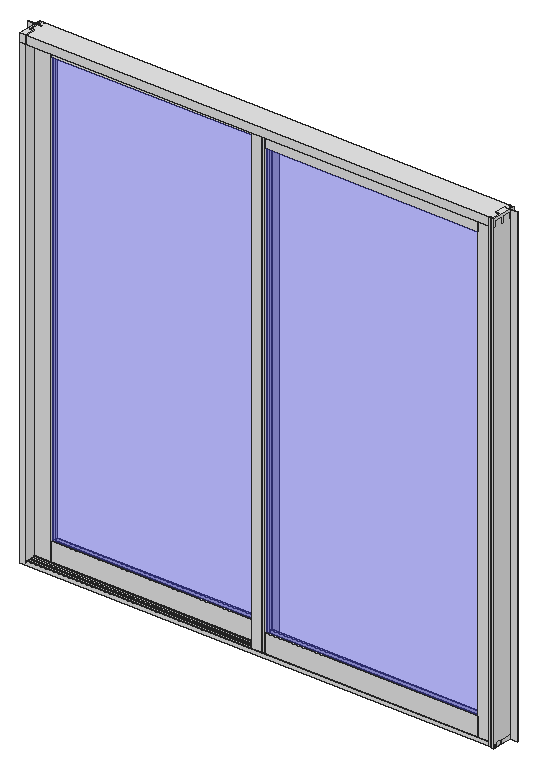
Revit family "Standard-Nail-On-XO-Sliding-Door-with-Low-Sill-and-Standard-Hardware", category Doors, host Wall, Revit 2026
Family settings
  Host = Wall
  Classification Number = 23.30.10.14.11
  Always vertical = Yes
  Cut with Voids When Loaded = No
  Shared = No
  Room Calculation Point = No
Parameters (values of type "2 Panel Sliding Door - OX")
  Wall Thickness [instance] = 0' - 6"
  URL = "https://www.allweatheraa.com/"
  Type Comments = "Multi-Panel Sliding Door"  # constant formula
  CD_Width Panel = ((CD_Width Opening + (0' 2 39/64" * (CD_Number of Panels - 1))) / CD_Number of Panels)  # 4' - 0.93164"
  CD_Width Opening = CD_Width - 0' 0 191/256"  # 7' - 11 65/256"
  CD_Width Min Panel = 2' - 8"  # constant formula
  CD_Width Min = (2 * CD_Width Min Panel) + 0' 0 3/4"  # 5' - 4 3/4"
  CD_Width Max Panel = 8' - 0"  # constant formula
  CD_Width Max = (2 * CD_Width Max Panel) + 0' 0 3/4"  # 16' - 0 3/4"
  CD_Width = if(CD_Requested Width > CD_Width Max, CD_Width Max, if(CD_Requested Width < CD_Width Min, CD_Width Min, CD_Requested Width))  # 8' - 0"
  CD_Warranty = "https://www.allweatheraa.com/warranties/"
  CD_Thickness = 0' - 4"  # constant formula
  CD_Specification = "http://allweatheraa.com/specs-cad-bim/"
  CD_Sill Height = 0' - 0 3/4"  # constant formula
  CD_Product Page URL = "https://www.allweatheraa.com/product-series-8150/"
  CD_Product Name = "Series 8150"  # constant formula
  CD_Product Documentation Link = "https://www.allweatheraa.com/architectural-manual/"
  CD_Microsite = "https://microsite.caddetails.com/4461/"
  CD_Jamb Width Right = 0' - 1 1/8"  # constant formula
  CD_Jamb Width Left = 0' - 1 1/8"  # constant formula
  CD_Jamb Extensions Depth [instance] = if(CD_Jamb Extensions Calc > 0' 0 1/8", CD_Jamb Extensions Calc, 0' 0 1/8")  # 0' - 2"
  CD_Jamb Extensions Calc [instance] = Wall Thickness - (CD_Thickness) + CD_Offset - CD_Inset  # 0' - 2"
  CD_Finish Jamb Ext = Wood-By_Others
  Thickness = CD_Thickness  # 0' - 4"
  Rough Width = CD_Width + 0' 1"  # 8' - 1"
  Rough Height = CD_Height + 0' 0 1/2"  # 8' - 0 1/2"
  Operation = "Sliding"
  Model = "OX / XO"  # constant formula
  Manufacturer = "All Weather Architectural Aluminum"  # constant formula
  Interior Trim = no
  Function = Exterior
  Frame Projection Ext. = 0' - 1"
  Frame Projection Int. = 0' - 1"
  Frame Width = 0' - 3"
  Height = CD_Height  # 8' - 0"
  Wall Closure = By host
  Width = CD_Width  # 8' - 0"
  CD_Height Panel = CD_Height - 0' 0 47/128" - 0' 1 1/16"  # 7' - 10 73/128"
  CD_Height Min Panel = 3' - 10"  # constant formula
  CD_Height Max Panel = 12' - 0"  # constant formula
  CD_Height = if(CD_Requested Height > CD_Height Max Panel + 0' 1 1/4", CD_Height Max Panel + 0' 1 1/4", if(CD_Requested Height < CD_Height Min Panel + 0' 1 1/4", CD_Height Min Panel + 0' 1 1/4", CD_Requested Height))  # 8' - 0"
  CD_Head Height = 0' - 1 73/128"  # constant formula
  CD_Finish Interior Trim = Metal-Aluminum-All_Weather-Standard-White
  CD_Finish Exterior Trim = Wood-By_Others
  Exterior Trim = no
  Description = "Thermally Broken Stacking Door"  # constant formula
  Center Panel Location = (CD_Width Panel / 2) - 0' 1 5/16"  # 1' - 11.15332"
  CD_Requested Width = 8' - 0"
  CD_Requested Height = 8' - 0"
  CD_Offset = 0' - 0"
  CD_Number of Panels = 2  # constant formula
  CD_Jamb Extension = no
  CD_Inset = 0' - 0"
  CD_Finish Glass = Glass-All_Weather-OA-Insulated_Glass
  CD_Finish = Metal-Aluminum-All_Weather-Standard-White
  Assembly Code = "B2030110"
  Analytic Construction = "<None>"
Reference planes (in)
  plane 1 "Center (Front/Back)": y = 0
  plane 2 "Center (Left/Right)": x = 0
  plane 3 "Left": x = -48
  plane 4 "Right": x = 48
  plane 5 "Top": z = 96
  plane 6 "Exterior": y = 3
  plane 7 "Interior": y = -3
  plane 8 "Nail Fin": y = 3
  plane 9 "Inset": y = 3
  plane 10 "Front": y = 3
  plane 11 "Back": y = -1
  plane 12 "Bottom of Sill": z = 0
  plane 13 "Right Jamb": x = 46.875
  plane 14 "Left Jamb": x = -46.875
  plane 15 "Bottom of Header": z = 94.42969
  plane 16 "Top of Sill": z = 0.75
  plane 17 "Exterior Doors": y = 2
  plane 18 "Interior Doors": y = 0
  plane 19 "Door Sill Offset": z = 0.3674
Forms (in)
  Extrusion 1, solid, material "Wood-By_Others" <- "CD_Finish Exterior Trim", visible <- "Exterior Trim"
    sketch origin (-90, 3, 0) x (-1, 0, 0) y (0, 0, 1)
      loop
        line (-42, 95.63672) -> (-42, 0) -> (-39, 0) -> (-39, 98.63672) -> (-141, 98.63672) -> (-141, 0) -> (-138, 0) -> (-138, 95.63672) -> (-42, 95.63672)
    from 0 to 1
  Extrusion 2, solid, material "Metal-Aluminum-All_Weather-Standard-White" <- "CD_Finish Interior Trim", visible <- "Interior Trim"
    sketch origin (-90, -3, 0) x (1, 0, 0) y (0, 0, 1)
      loop
        line (42, 0) -> (42, 95.63672) -> (138, 95.63672) -> (138, 0) -> (141, 0) -> (141, 98.63672) -> (39, 98.63672) -> (39, 0) -> (42, 0)
    from 0 to 1
  Sweep 3, solid, material "Metal-Aluminum-All_Weather-Standard-White" <- "CD_Finish", detail levels fine
    path origin (0, -1, 0) x (-1, 0, 0) y (0, 0, 1)
      loop
        line (48, 0) -> (48, 96)
    profile origin (-48, -1, 48) x (1, 0, 0) y (0, 1, 0)
      loop
        line (0, 0) -> (1.12385, 0) -> (1.12385, 2.168) -> (0.77985, 2.168) -> (0.77985, 2.043) -> (0.37385, 2.043) -> (0.37385, 3.946) -> (0.77985, 3.946) -> (0.77985, 3.856) -> (1.12385, 3.856) -> (1.12385, 4.016) -> (0.37385, 4.016) -> (0.37385, 4.884) -> (0.99885, 4.884) -> (0.99885, 4.954) -> (0, 4.954) -> (0, 4.5493) -> (0.07, 4.5493) -> (0.07, 4.884) -> (0.30385, 4.884) -> (0.30385, 4.024) -> (-1.5, 4.024) -> (-1.5, 3.954) -> (0, 3.954) -> (0, 0)
  Extrusion 4, solid, material "Wood-By_Others" <- "CD_Finish Jamb Ext", visible <- "CD_Jamb Extension"
    sketch origin (0, 0, 0) x (1, 0, 0) y (0, 0, 1)
      loop
        line (-48, 0) -> (-47.375, 0) -> (-47.375, 95.375) -> (47.375, 95.375) -> (47.375, 0) -> (48, 0) -> (48, 96) -> (-48, 96) -> (-48, 0)
    from 1 to 3
  Sweep 5, solid, material "Metal-Aluminum-All_Weather-Standard-White" <- "CD_Finish", detail levels fine
    path origin (0, 3, 0) x (-1, 0, 0) y (0, 0, 1)
      loop
        line (-48, 96) -> (48, 96)
    profile origin (0, 3, 96) x (0, 0, 1) y (0, 1, 0)
      loop
        line (0, 0.954) -> (-1.08885, 0.954) -> (-1.08885, 0.705) -> (-0.37385, 0.705) -> (-0.37385, 0.388) -> (-0.65885, 0.388) -> (-0.65885, 0.328) -> (-0.37385, 0.328) -> (-0.37385, 0.016) -> (-1.57, 0.016) -> (-1.57, -0.152) -> (-0.37385, -0.152) -> (-0.37385, -1.84) -> (-1.57, -1.84) -> (-1.57, -2.152) -> (-0.37385, -2.152) -> (-0.37385, -3.84) -> (-1.57, -3.84) -> (-1.57, -4) -> (0, -4) -> (0, 0.954)
  Sweep 6, solid, material "Metal-Aluminum-All_Weather-Standard-White" <- "CD_Finish", detail levels fine
    path origin (0, 3, 0) x (-1, 0, 0) y (0, 0, 1)
      loop
        line (-48, 0) -> (48, 0)
    profile origin (0, 3, 0) x (0, 0, 1) y (0, 1, 0)
      loop
        line (0, 0.864) -> (0, -4) -> (0.75, -4) -> (0.75, -3.84) -> (0.185, -3.84) -> (0.14641, -3.40801) -> (0.75, -3.40801) -> (0.75, -3.18981) -> (0.35379, -3.18981) -> (0.35379, -2.80325) -> (0.75, -2.80325) -> (0.75, -2.58399) -> (0.14734, -2.58399) -> (0.17792, -2.152) -> (0.75, -2.152) -> (0.75, -1.18181) -> (0.35379, -1.18181) -> (0.35379, -0.79525) -> (0.75, -0.79525) -> (0.75, 0.016) -> (0.13, 0.016) -> (0.10974, 0.328) -> (0.4048, 0.328) -> (0.4048, 0.388) -> (0.10584, 0.388) -> (0.07494, 0.864) -> (0, 0.864)
  Extrusion 7, solid, material "Metal-Aluminum-All_Weather-Standard-White" <- "CD_Finish", detail levels coarse+medium
    sketch origin (0, 3, 0) x (-1, 0, 0) y (0, 0, 1)
      loop
        line (-48, 96) -> (-48, 0) -> (48, 0) -> (48, 96) -> (-48, 96)
      loop
        line (46.875, 0.75) -> (46.875, 94.42969) -> (-46.875, 94.42969) -> (-46.875, 0.75) -> (46.875, 0.75)
    from 0 to -4
  Sweep 8, solid, material "Metal-Aluminum-All_Weather-Standard-White" <- "CD_Finish", detail levels fine
    path origin (0, -1, 0) x (1, 0, 0) y (0, 0, 1)
      loop
        line (48, 0) -> (48, 96)
    profile origin (48, -1, 48) x (1, 0, 0) y (0, 1, 0)
      loop
        line (0, 0) -> (0, 3.954) -> (1.5, 3.954) -> (1.5, 4.024) -> (-0.30385, 4.024) -> (-0.30385, 4.884) -> (-0.07, 4.884) -> (-0.07, 4.5493) -> (0, 4.5493) -> (0, 4.954) -> (-0.99885, 4.954) -> (-0.99885, 4.884) -> (-0.37385, 4.884) -> (-0.37385, 4.016) -> (-1.12385, 4.016) -> (-1.12385, 1.84816) -> (-0.77985, 1.84816) -> (-0.77985, 1.93816) -> (-0.37385, 1.93816) -> (-0.37385, 0.03516) -> (-0.77985, 0.03516) -> (-0.77985, 0.16016) -> (-1.12385, 0.16016) -> (-1.12385, 0) -> (0, 0)
Cuts and joins
  joined: Sweep 3, Sweep 6
Lines and regions (in)
  Opening 1
    outline origin (-90, -3, 0) x (1, 0, 0) y (0, 0, 1)
      loop
        line (42, 0) -> (138, 0) -> (138, 96) -> (42, 96) -> (42, 0)
  Masking region 1, visible <- "CD_Jamb Extension"
    outline origin (0, 0, 0) x (0, 1, 0) y (0, 0, 1)
      loop
        line (-1, 96) -> (-3, 96) -> (-3, 95.375) -> (-1, 95.375) -> (-1, 96)
  Masking region 2, visible <- "CD_Jamb Extension"
    outline origin (0, 0, 0) x (1, 0, 0) y (0, 1, 0)
      loop
        line (48, -3) -> (48, -1) -> (47.375, -1) -> (47.375, -3) -> (48, -3)
      loop
        line (-48, -3) -> (-47.375, -3) -> (-47.375, -1) -> (-48, -1) -> (-48, -3)
Text (in)
  text "Exterior" at (-74.96733, 27.31104, 0), in view "Ref. Level"
  text "Interior" at (-74.96733, -25.14366, 0), in view "Ref. Level"
  text "Exterior" at (0, 40.15149, 123.01588), in view "Right"
  text "Interior" at (0, -64.39139, 123.01588), in view "Right"
  text "Interior" at (0, -31.01599, 123.00693), in view "Left"
  text "Exterior" at (0, 54.57065, 123.00693), in view "Left"
Dimensions and locks (in)
  equal spacing: plane 3 "Left", plane 2 "Center (Left/Right)", plane 4 "Right"
  "Height": level to plane 5 "Top"
  "Width": plane 3 "Left" to plane 4 "Right"
  "Frame Width": Extrusion 2 sketch curve to plane 3 "Left"
  "Frame Width": Extrusion 2 sketch curve to plane 4 "Right"
  "Frame Width": Extrusion 1 sketch curve to Extrusion 1 sketch curve  (x3)
  host wall to plane 5 "Top" = 8' - 0"
  "Frame Projection Int.": Extrusion 2 to host wall
  "Frame Projection Ext.": Extrusion 1 to host wall
  "CD_Offset": plane 8 "Nail Fin" to plane 9 "Inset"
  "CD_Inset": plane 6 "Exterior" to plane 9 "Inset"
  locked: plane 10 "Front" to plane 8 "Nail Fin" at 0
  "Thickness": plane 10 "Front" to plane 11 "Back"
  plane 12 "Bottom of Sill" to level = 0' - 0"
  locked: Extrusion 1 sketch curve to plane 5 "Top" at 0.36328
  locked: Extrusion 2 sketch curve to plane 5 "Top" at 0.36328
  "Frame Width": Extrusion 2 sketch curve to Extrusion 2 sketch curve
  plane 5 "Top" to level = 8' - 0"
  locked: Extrusion 4 sketch curve to Extrusion 2 at 0.625  (x2)
  locked: plane 5 "Top" to Extrusion 4 sketch curve at 0.625
  "CD_Jamb Extensions Depth": Extrusion 4 to Extrusion 4
  "Wall Thickness": host wall to host wall
  plane 3 "Left" to plane 4 "Right" = 8' - 0"
  "Thickness": plane 10 "Front" to Extrusion 7
  "CD_Jamb Extensions Depth": Masking region 1 sketch curve to plane 7 "Interior"
  locked: plane 5 "Top" to Masking region 1 sketch curve at 0.625
  locked: plane 3 "Left" to Masking region 2 sketch curve at 0.625
  locked: Masking region 2 sketch curve to plane 4 "Right" at 0.625
  "CD_Jamb Extensions Depth": plane 7 "Interior" to Masking region 2 sketch curve  (x2)
  Sweep 3 sketch curve to Sweep 3 sketch curve to Sweep 3 sketch curve to profile plane to Sweep 3 sketch curve to Sweep 3 sketch curve to Sweep 3 sketch curve to Sweep 3 sketch curve to Sweep 3 sketch curve to Sweep 3 sketch curve to Sweep 3 sketch curve to Sweep 3 sketch curve = 0' - 1 1/2" locked, 0' - 0" locked, 0' - 0" locked, 0' - 0.07" locked, 0' - 0.23385" locked, 0' - 0.07" locked, 0' - 0.406" locked, 0' - 0" locked, 0' - 0.219" locked, 0' - 0 1/8" locked, 0' - 0" locked
  Sweep 3 sketch curve to Sweep 3 sketch curve to Sweep 3 sketch curve to Sweep 3 sketch curve to Sweep 3 sketch curve to Sweep 3 sketch curve to Sweep 3 sketch curve to Sweep 3 sketch curve to Sweep 3 sketch curve to Sweep 3 sketch curve to Sweep 3 sketch curve to profile plane to Sweep 3 sketch curve = 0' - 0.07" locked, 0' - 0" locked, 0' - 0.3347" locked, 0' - 0.5253" locked, 0' - 0.008" locked, 0' - 0.062" locked, 0' - 0.008" locked, 0' - 0.09" locked, 0' - 1.688" locked, 0' - 0 1/8" locked, 0' - 2.043" locked, 0' - 0" locked
  Sweep 8 sketch curve to Sweep 8 sketch curve to Sweep 8 sketch curve to Sweep 8 sketch curve to Sweep 8 sketch curve to Sweep 8 sketch curve to Sweep 8 sketch curve to Sweep 8 sketch curve to Sweep 8 sketch curve to Sweep 8 sketch curve to profile plane to Sweep 8 sketch curve = 0' - 0" locked, 0' - 0 1/8", 0' - 0.219", 0' - 0" locked, 0' - 0.406", 0' - 0.07" locked, 0' - 0.23385" locked, 0' - 0.07", 0' - 0" locked, 0' - 0" locked, 0' - 1 1/2"
  Sweep 8 sketch curve to Sweep 8 sketch curve to Sweep 8 sketch curve to Sweep 8 sketch curve to Sweep 8 sketch curve to Sweep 8 sketch curve to Sweep 8 sketch curve to Sweep 8 sketch curve to Sweep 8 sketch curve to Sweep 8 sketch curve to Sweep 8 sketch curve to profile plane to Sweep 8 sketch curve = 0' - 0.07" locked, 0' - 0" locked, 0' - 0.3347" locked, 0' - 0.5253" locked, 0' - 0.008" locked, 0' - 0.062" locked, 0' - 2.01584" locked, 0' - 0.09" locked, 0' - 1.688" locked, 0' - 0 1/8" locked, 0' - 0 9/256" locked, 0' - 0" locked
  "CD_Jamb Width Right": plane 13 "Right Jamb" to plane 4 "Right"
  "CD_Jamb Width Left": plane 3 "Left" to plane 14 "Left Jamb"
  "CD_Head Height": plane 15 "Bottom of Header" to plane 5 "Top"
  "CD_Sill Height": level to plane 16 "Top of Sill"
  Sweep 6 sketch curve to Sweep 6 sketch curve to Sweep 6 sketch curve to Sweep 6 sketch curve to profile plane to Sweep 6 sketch curve to Sweep 6 sketch curve to Sweep 6 sketch curve to Sweep 6 sketch curve to Sweep 6 sketch curve to Sweep 6 sketch curve to Sweep 6 sketch curve to Sweep 6 sketch curve to Sweep 6 sketch curve = 0' - 0.476" locked, 0' - 0.06" locked, 0' - 0.312" locked, 0' - 0.016" locked, 0' - 0.79525" locked, 0' - 0.38656" locked, 0' - 0.97019" locked, 0' - 0.43199" locked, 0' - 0.21926" locked, 0' - 0.38656" locked, 0' - 0.2182" locked, 0' - 0.43199" locked, 0' - 0.16" locked
  profile plane to Sweep 8 to Sweep 6 sketch curve to Sweep 6 sketch curve to Sweep 6 sketch curve to Sweep 6 sketch curve to Sweep 6 sketch curve to Sweep 6 sketch curve to Sweep 6 sketch curve to Sweep 6 sketch curve to Sweep 6 sketch curve to Sweep 6 sketch curve to Sweep 6 sketch curve to Sweep 6 sketch curve to Sweep 6 sketch curve to Sweep 6 sketch curve to Sweep 6 sketch curve to Sweep 6 sketch curve = 0' - 0" locked, 0' - 0.07494" locked, 0' - 0.03091" locked, 0' - 0 1/256" locked, 0' - 0.02026" locked, 0' - 0.01641" locked, 0' - 0.00093" locked, 0' - 0.03058" locked, 0' - 0.00708" locked, 0' - 0.16879" locked, 0' - 0" locked, 0' - 0.05101" locked, 0' - 0.3452" locked, 0' - 0" locked, 0' - 0" locked, 0' - 0" locked, 0' - 0" locked
  Sweep 5 sketch curve to Sweep 5 sketch curve to Sweep 5 sketch curve to Sweep 5 sketch curve to Sweep 5 sketch curve to profile plane to Sweep 5 sketch curve to Sweep 5 sketch curve to Sweep 5 sketch curve to Sweep 5 sketch curve to Sweep 5 sketch curve = 0' - 0.249" locked, 0' - 0.317" locked, 0' - 0.06" locked, 0' - 0.312" locked, 0' - 0.016" locked, 0' - 0.152" locked, 0' - 1.688" locked, 0' - 0.312" locked, 0' - 1.688" locked, 0' - 0.16" locked
  Sweep 5 sketch curve to Sweep 5 sketch curve to Sweep 5 sketch curve to Sweep 5 sketch curve to Sweep 5 sketch curve to Sweep 5 sketch curve to Sweep 5 sketch curve to Sweep 5 sketch curve to profile plane to Sweep 5 sketch curve = 0' - 0" locked, 0' - 0" locked, 0' - 0.48115" locked, 0' - 0.43" locked, 0' - 0.285" locked, 0' - 0" locked, 0' - 0" locked, 0' - 0.37385" locked, 0' - 0" locked
  locked: plane 10 "Front" to plane 17 "Exterior Doors" at 1
  locked: plane 10 "Front" to plane 18 "Interior Doors" at 3
  locked: plane 3 "Left" to nested 2 at 0.36919
  locked: nested 1 to plane 4 "Right" at 0.37385
  locked: plane 19 "Door Sill Offset" to level at 0.3674
  aligned and locked: plane 3 "Left" to Opening 1 sketch curve
  aligned and locked: plane 5 "Top" to Opening 1 sketch curve  (x2)
  aligned and locked: Opening 1 sketch curve to plane 4 "Right"
  aligned and locked: Opening 1 sketch curve to level
  aligned and locked: plane 3 "Left" to Extrusion 1 sketch curve
  aligned and locked: Extrusion 1 sketch curve to plane 3 "Left"
  aligned and locked: level to Extrusion 1 sketch curve
  aligned and locked: plane 4 "Right" to Extrusion 1 sketch curve
  aligned and locked: Extrusion 1 to host wall
  aligned and locked: plane 3 "Left" to Extrusion 2 sketch curve
  aligned and locked: plane 4 "Right" to Extrusion 2 sketch curve  (x2)
  aligned and locked: level to Extrusion 2 sketch curve
  aligned and locked: Extrusion 2 sketch curve to level
  aligned and locked: Extrusion 2 to host wall
  aligned and locked: plane 6 "Exterior" to host wall
  aligned and locked: host wall to plane 7 "Interior"
  aligned and locked: plane 3 "Left" to Sweep 3 sketch curve
  aligned and locked: plane 7 "Interior" to Extrusion 4
  aligned and locked: plane 4 "Right" to Sweep 5 sketch curve
  aligned and locked: plane 3 "Left" to Sweep 5 sketch curve
  aligned and locked: plane 3 "Left" to Sweep 6 sketch curve
  aligned and locked: plane 4 "Right" to Sweep 6 sketch curve
  aligned and locked: Sweep 6 sketch curve to level
  aligned and locked: plane 10 "Front" to Extrusion 7
  aligned and locked: cut or joined group of Sweep 3, Sweep 6 to Masking region 2 sketch curve  (x2)
  aligned and locked: plane 4 "Right" to Sweep 8 sketch curve
  aligned and locked: plane 5 "Top" to Sweep 8 sketch curve
  aligned and locked: level to Sweep 8 sketch curve
  aligned and locked: plane 4 "Right" to Extrusion 7 sketch curve
  aligned and locked: plane 13 "Right Jamb" to Extrusion 7 sketch curve
  aligned and locked: plane 5 "Top" to Extrusion 7 sketch curve
  aligned and locked: plane 15 "Bottom of Header" to Extrusion 7 sketch curve
  aligned and locked: Extrusion 7 sketch curve to plane 3 "Left"
  aligned and locked: Extrusion 7 sketch curve to plane 14 "Left Jamb"
  aligned and locked: level to Extrusion 7 sketch curve
  aligned and locked: plane 16 "Top of Sill" to Extrusion 7 sketch curve
  aligned and locked: nested 2 to plane 17 "Exterior Doors"
  aligned and locked: nested 1 to plane 18 "Interior Doors"
  aligned and locked: nested 1 to plane 19 "Door Sill Offset"
  aligned and locked: nested 2 to plane 19 "Door Sill Offset"
Automatic sketch dimensions
  Extrusion 1 sketch curve to level = 0' - 0"
  Extrusion 2 sketch curve to level = 0' - 0"
  Sweep 3 sketch curve to level = 0' - 0"
  Sweep 3 sketch curve to plane 5 "Top" = 0' - 0"
  plane 3 "Left" to Extrusion 4 sketch curve = 0' - 0"
  plane 4 "Right" to Extrusion 4 sketch curve = 0' - 0"
  Extrusion 4 sketch curve to level = 0' - 0"  (x2)
  Extrusion 4 sketch curve to plane 5 "Top" = 0' - 0"
  Sweep 5 sketch curve to plane 5 "Top" = 0' - 0"
  Sweep 6 sketch curve to profile plane = 0' - 0"
  Sweep 3 sketch curve to Sweep 3 sketch curve = 0' - 0"
  Sweep 8 sketch curve to Sweep 8 sketch curve = 0' - 0"
  Sweep 5 sketch curve to Sweep 5 sketch curve = 0' - 0"
  Masking region 1 sketch curve to host wall = 0' - 0"
  plane 5 "Top" to Masking region 1 sketch curve = 0' - 0"
  host wall to Masking region 2 sketch curve = 0' - 0"  (x2)
Nested families (in)
  nested 1: "Nested-Panel-All_Weather-Series_8150" at (23.16033, 0.11336, 0.3674), type "Active Left"
    with CD_Arrow Right no, CD_Arrow Left no, CD_Width 4' - 0.93164", CD_Pull no, CD_Jamb Width Right 0' - 3 51/256", CD_Internal Door no
  nested 2: "Nested-Panel-All_Weather-Series_8150" at (-23.16499, 2.11336, 0.3674), type "Fixed"
    with CD_Arrow Right no, CD_Arrow Left yes, CD_Width 4' - 0.93164"
Definition of nested family "Nested-Panel-All_Weather-Series_8150"
  Parameters (values of type "Active Right")
    URL = "http://www.weathershield.com"
    Type Comments = "Panel with Inside Jamb"
    Model = "8150"  # constant formula
    Manufacturer = "All Weather Architectural Aluminum"  # constant formula
    Description = "Stacking Door Panel"  # constant formula
    Default Elevation = 4' - 0"
    CD_Width = 3' - 1.0791"
    CD_Thickness = 0' - 1 1/2"  # constant formula
    CD_Sill Height = 0' - 4 27/256"  # constant formula
    CD_Pull Jamb = yes
    CD_Pull = yes
    CD_Jamb = no
    CD_Product Page URL = "https://www.allweatheraa.com/doors/series-8150-sliding-doors/"
    CD_Product Documentation Link = "https://www.allweatheraa.com/architectural-manual/"
    CD_Jamb Width Right = if(CD_Pull, 0' 2 23/32", if(CD_Internal Door, 0' 2 159/256", if(CD_Pull Jamb, 0' 3 51/256", 0' 2 39/64")))  # 0' - 2 23/32"
    CD_Jamb Width Left = if(CD_Jamb, 0' 4 19/256", 0' 2 39/64")  # 0' - 2 39/64"
    CD_Internal Door = yes
    CD_Height = 7' - 10 73/128"
    CD_Head Height = 0' - 2 5/8"  # constant formula
    CD_Glass Thickness = 0' - 1"  # constant formula
    CD_Glass Offset = 0' - 0 1/4"  # constant formula
    CD_Glass Inset = 0' - 0 169/256"  # constant formula
    CD_Finish Glass = none
    CD_Finish = none
    CD_Center Panel Right = no
    CD_Center Panel Left = yes
    CD_Arrow Right [instance] = no
    CD_Arrow Left [instance] = no
  Types (3): name | CD_Pull Jamb | CD_Pull | CD_Jamb | CD_Jamb Width Right | CD_Jamb Width Left | CD_Internal Door | CD_Center Panel Right | CD_Center Panel Left
    Active Left | yes | yes | no | 0' - 2 23/32" | 0' - 2 39/64" | yes | no | yes
    Fixed | no | no | yes | 0' - 2 39/64" | 0' - 4 19/256" | no | yes | no
    Active Right | yes | yes | no | 0' - 2 23/32" | 0' - 2 39/64" | yes | no | yes
  Reference planes (in)
    plane 1 "Center (Front/Back)": y = 0.11336
    plane 2 "Bottom": z = 0
    plane 3 "Center (Left/Right)": x = 0
    plane 4 "Front": y = 0.86336
    plane 5 "Back": y = -0.63664
    plane 6 "Left": x = -18.53955
    plane 7 "Right": x = 18.53955
    plane 8 "Top": z = 94.57031
    plane 9 "Glass Front": y = 0.61336
    plane 10 "Glass Back": y = -0.38664
    plane 11 "Glass Top": z = 92.60547
    plane 12 "Glass Bottom": z = 3.44531
    plane 13 "Glass Left": x = -16.59033
    plane 14 "Glass Right": x = 16.48096
    plane 15 "Center (Elevation)": z = 48.02539
    plane 16 "DLO Bottom": z = 4.10547
    plane 17 "DLO Top": z = 91.94531
    plane 18 "DLO Left": x = -15.93018
    plane 19 "DLO Right": x = 15.8208
    plane 20: y = 0.11336
  Forms (in)
    Extrusion 1, solid, material <- "CD_Finish Glass", detail levels coarse
      sketch origin (0, 0, 0) x (1, 0, 0) y (0, 1, 0)
        loop
          line (-15.93018, -0.38664) -> (15.8208, -0.38664) -> (15.8208, 0.61336) -> (-15.93018, 0.61336) -> (-15.93018, -0.38664)
      from 4.10547 to 91.94531
    Sweep 2, solid, material <- "CD_Finish", detail levels medium+fine
      path origin (0, 0.61336, -0.65988) x (-1, 0, 0) y (0, 0, 1)
        loop
          line (-15.8208, 0.65988) -> (15.93018, 0.65988)
      profile origin (-0.05469, 0.61336, 0) x (0, 0, 1) y (0, 1, 0)
        loop
          line (0, 0.2055) -> (0, 0.0495) -> (0.89378, 0.0495) -> (0.89378, -1.05052) -> (0, -1.05052) -> (0, -1.20652) -> (4.10547, -1.20652) -> (4.10547, -1.0615) -> (3.44531, -1.0615) -> (3.44531, 0.0615) -> (4.10547, 0.0615) -> (4.10547, 0.2055) -> (0, 0.2055)
    Sweep 3, solid, material <- "CD_Finish", visible <- "CD_Jamb", detail levels medium+fine
      path origin (0, 0.86336, 0) x (-1, 0, 0) y (0, 0, 1)
        loop
          line (18.53955, 0) -> (18.53955, 94.57031)
      profile origin (-18.53955, 0.86336, 47.28516) x (1, 0, 0) y (0, 1, 0)
        loop
          line (0, 0) -> (0, -0.08) -> (0.23483, -0.08) -> (0.23483, -1.42002) -> (0, -1.42002) -> (0, -1.5) -> (2.60938, -1.5) -> (2.60938, -1.31202) -> (1.94922, -1.31202) -> (1.94922, -0.188) -> (2.60938, -0.188) -> (2.60938, 0) -> (0, 0)
    Sweep 4, solid, material <- "CD_Finish", visible <- "CD_Center Panel Right", detail levels medium+fine
      path origin (0, 0.86336, 0) x (1, 0, 0) y (0, 0, 1)
        loop
          line (18.53955, 0) -> (18.53955, 94.57031)
      profile origin (18.53955, 0.86336, 47.28516) x (1, 0, 0) y (0, 1, 0)
        loop
          line (0, -1.50002) -> (0, -0.00007) -> (-1.80474, -0.00007) -> (-1.80474, 0.40071) -> (-2.50112, 0.40071) -> (-2.59855, 0.3746) -> (-2.59855, 0.27635) -> (-1.90472, 0.27635) -> (-1.90472, 0) -> (-2.71875, 0) -> (-2.71875, -0.188) -> (-2.05859, -0.188) -> (-2.05859, -1.31202) -> (-2.71875, -1.31202) -> (-2.71875, -1.50002) -> (0, -1.50002)
    Sweep 5, solid, material <- "CD_Finish", detail levels medium+fine
      path origin (0, 0.86336, 0) x (-1, 0, 0) y (0, 0, 1)
        loop
          line (15.93018, 94.57031) -> (-15.8208, 94.57031)
      profile origin (-0.05469, 0.86336, 94.57031) x (0, 0, -1) y (0, 1, 0)
        loop
          line (2.625, -0.04395) -> (0, -0.04395) -> (0, -0.12201) -> (0.09375, -0.12201) -> (0.09375, -1.37792) -> (0, -1.37792) -> (0, -1.45597) -> (2.625, -1.45597) -> (2.625, -1.31197) -> (1.96484, -1.31197) -> (1.96484, -0.18788) -> (2.625, -0.18788) -> (2.625, -0.04395)
    Extrusion 6, solid, material <- "CD_Finish", visible <- "CD_Center Panel Left", detail levels medium+fine
      sketch origin (0, 0, 0) x (1, 0, 0) y (0, 1, 0)
        loop
          line (-18.53955, 0.86336) -> (-18.53955, -1.03737) -> (-17.84317, -1.03737) -> (-17.74574, -1.01127) -> (-17.74574, -0.91302) -> (-18.43957, -0.91302) -> (-18.43957, -0.63667) -> (-15.93018, -0.63667) -> (-15.93018, -0.44867) -> (-16.59033, -0.44867) -> (-16.59033, 0.67536) -> (-15.93018, 0.67536) -> (-15.93018, 0.86336) -> (-18.53955, 0.86336)
      from 0 to 94.57031
    Extrusion 7, solid, material <- "CD_Finish", detail levels coarse
      sketch origin (0, 0.61336, 0) x (-1, 0, 0) y (0, 0, 1)
        loop
          line (18.53955, 94.0625) -> (-18.53955, 94.0625) -> (-18.53955, 0.38281) -> (18.53955, 0.38281) -> (18.53955, 94.0625)
        loop
          line (-15.8208, 4.10547) -> (15.93018, 4.10547) -> (15.93018, 91.94531) -> (-15.8208, 91.94531) -> (-15.8208, 4.10547)
      from -1.25 to 0.25
    Sweep 8, solid, material <- "CD_Finish", visible <- "CD_Pull Jamb", detail levels medium+fine
      path origin (0, 0.86328, 0) x (1, 0, 0) y (0, 0, 1)
        loop
          line (18.53955, 0) -> (18.53955, 94.57031)
      profile origin (18.53955, 0.86328, 47.28516) x (1, 0, 0) y (0, 1, 0)
        loop
          line (0, -1.5) -> (0, -1.42) -> (-0.23483, -1.42) -> (-0.23483, -0.07998) -> (0, -0.07998) -> (0, 0) -> (-2.71875, 0) -> (-2.71875, -0.18798) -> (-2.05859, -0.18798) -> (-2.05859, -1.312) -> (-2.71875, -1.312) -> (-2.71875, -1.5) -> (0, -1.5)
    Sweep 9, solid, material <- "CD_Finish", visible <- "CD_Internal Door", detail levels medium+fine
      path origin (14, 0.86328, 0) x (1, 0, 0) y (0, 0, -1)
        loop
          line (4.53955, 0) -> (4.53955, -94.57031)
      profile origin (18.53955, 0.86328, 47.28516) x (1, 0, 0) y (0, 1, 0)
        loop
          line (0.39414, -0.24462) -> (0, -0.24462) -> (0, -0.07998) -> (-0.23483, -0.07998) -> (-0.23483, -1.42) -> (0, -1.42) -> (0, -1.25523) -> (0.39414, -1.25523) -> (0.39414, -0.24462)
    Extrusion 10, solid, material <- "CD_Finish Glass", detail levels medium+fine
      sketch origin (0, 0, 0) x (1, 0, 0) y (0, 1, 0)
        loop
          line (-16.59033, 0.43452) -> (16.48096, 0.43452) -> (16.48096, 0.61336) -> (-16.59033, 0.61336) -> (-16.59033, 0.43452)
        loop
          line (16.48096, -0.2078) -> (-16.59033, -0.2078) -> (-16.59033, -0.38664) -> (16.48096, -0.38664) -> (16.48096, -0.2078)
      from 3.44531 to 92.60547
  Lines and regions (in)
    Masking region 1, detail levels medium+fine
      outline origin (0, 0, 0) x (1, 0, 0) y (0, 1, 0)
        loop
          line (-16.59033, 0.61336) -> (-16.59033, 0.43452) -> (16.48096, 0.43452) -> (16.48096, 0.61336) -> (-16.59033, 0.61336)
        loop
          line (-16.59033, -0.2078) -> (-16.59033, -0.38664) -> (16.48096, -0.38664) -> (16.48096, -0.2078) -> (-16.59033, -0.2078)
    Masking region 2, detail levels medium+fine
      outline origin (0, 0, 94.57031) x (0, 1, 0) y (-1, 0, 0)
        loop
          line (0.61336, -16.48096) -> (0.61336, -15.8208) -> (0.81886, -15.8208) -> (0.81886, 15.93018) -> (0.61336, 15.93018) -> (0.61336, 16.59033) -> (-0.38664, 16.59033) -> (-0.38664, 15.93018) -> (-0.59317, 15.93018) -> (-0.59317, -15.8208) -> (-0.38664, -15.8208) -> (-0.38664, -16.48096) -> (0.61336, -16.48096)
    Masking region 3, detail levels coarse
      outline origin (0, 0, 0) x (1, 0, 0) y (0, 1, 0)
        loop
          line (-15.93018, 0.61336) -> (-15.93018, -0.38664) -> (15.8208, -0.38664) -> (15.8208, 0.61336) -> (-15.93018, 0.61336)
    Masking region 4, detail levels coarse
      outline origin (0, 0, 0) x (1, 0, 0) y (0, 1, 0)
        loop
          line (-18.53955, 0.86336) -> (-18.53955, -0.63664) -> (-15.93018, -0.63664) -> (-15.93018, 0.86336) -> (-18.53955, 0.86336)
        loop
          line (18.53955, 0.86336) -> (15.8208, 0.86336) -> (15.8208, -0.63664) -> (18.53955, -0.63664) -> (18.53955, 0.86336)
    symbolic lines, visible <- "CD_Arrow Left"
      curve 1: line (-14.17236, 0.61336, 45.02539) -> (-14.17236, 0.61336, 51.02539)
      curve 2: line (-14.17236, 0.61336, 45.02539) -> (-11.17236, 0.61336, 48.02539)
      curve 3: line (-11.17236, 0.61336, 48.02539) -> (-14.17236, 0.61336, 51.02539)
    symbolic lines, visible <- "CD_Arrow Right"
      curve 4: line (14.17236, 0.61336, 45.02539) -> (14.17236, 0.61336, 51.02539)
      curve 5: line (14.17236, 0.61336, 45.02539) -> (11.17236, 0.61336, 48.02539)
      curve 6: line (11.17236, 0.61336, 48.02539) -> (14.17236, 0.61336, 51.02539)
  Dimensions and locks (in)
    equal spacing: plane 6 "Left", plane 3 "Center (Left/Right)", plane 7 "Right"
    "CD_Width": plane 6 "Left" to plane 7 "Right"
    equal spacing: plane 4 "Front", plane 1 "Center (Front/Back)", plane 5 "Back"
    "CD_Thickness": plane 4 "Front" to plane 5 "Back"
    locked: plane 10 "Glass Back" to Masking region 1 sketch curve at 0.17884
    locked: plane 9 "Glass Front" to Masking region 1 sketch curve at 0.17884
    equal spacing: plane 11 "Glass Top", plane 15 "Center (Elevation)", plane 12 "Glass Bottom"
    "CD_Glass Inset": plane 16 "DLO Bottom" to plane 12 "Glass Bottom"
    "CD_Glass Inset": plane 11 "Glass Top" to plane 17 "DLO Top"
    "CD_Jamb Width Left": plane 6 "Left" to plane 18 "DLO Left"
    "CD_Jamb Width Right": plane 19 "DLO Right" to plane 7 "Right"
    equal spacing: plane 10 "Glass Back", plane 20, plane 9 "Glass Front"
    curve 3 to curve 3 to plane 15 "Center (Elevation)" to curve 2 = 0' - 3" locked, 0' - 0" locked, 0' - 3" locked
    plane 6 "Left" to curve 1 to curve 3 = 0' - 4 47/128" locked, 0' - 3" locked
    "CD_Height": plane 8 "Top" to plane 2 "Bottom"
    "CD_Glass Offset": Extrusion 7 to plane 10 "Glass Back"
    Extrusion 6 to plane 17 "DLO Top" = 0' - 2 5/8"
    curve 6 to curve 6 to plane 15 "Center (Elevation)" to curve 5 = 0' - 3" locked, 0' - 0" locked, 0' - 3" locked
    plane 7 "Right" to curve 4 to curve 6 = 0' - 4 47/128" locked, 0' - 3" locked
    "CD_Glass Inset": plane 13 "Glass Left" to plane 18 "DLO Left"
    "CD_Glass Inset": plane 19 "DLO Right" to plane 14 "Glass Right"
    locked: profile plane to Sweep 3 sketch curve at 0.23483
    profile plane to Sweep 3 sketch curve to Sweep 3 sketch curve to Sweep 3 sketch curve to Sweep 3 sketch curve to Sweep 3 sketch curve to Sweep 3 sketch curve = 0' - 0" locked, 0' - 0.08" locked, 0' - 0.108" locked, 0' - 1.12402" locked, 0' - 0.108" locked, 0' - 0.07998" locked
    plane 6 "Left" to Extrusion 6 sketch curve to Extrusion 6 sketch curve to Extrusion 6 sketch curve = 0' - 0.09998" locked, 0' - 0.5964" locked, 0' - 0.09743" locked
    Extrusion 6 sketch curve to plane 4 "Front" to Extrusion 6 sketch curve to Extrusion 6 sketch curve to Extrusion 6 sketch curve to Extrusion 6 sketch curve to Extrusion 6 sketch curve to Extrusion 6 sketch curve = 0' - 0" locked, 0' - 0.188" locked, 0' - 1.12402" locked, 0' - 0.188" locked, 0' - 0.27635" locked, 0' - 0.09825" locked, 0' - 0.02611" locked
    plane 19 "DLO Right" to Sweep 4 sketch curve to Sweep 4 sketch curve to Sweep 4 sketch curve to Sweep 4 sketch curve = 0' - 0.1202" locked, 0' - 0.09743" locked, 0' - 0.5964" locked, 0' - 0.09998" locked
    Sweep 4 sketch curve to Sweep 4 sketch curve to Sweep 4 sketch curve to profile plane to Sweep 4 sketch curve to Sweep 4 sketch curve to Sweep 4 sketch curve to Sweep 4 sketch curve to Sweep 4 sketch curve = 0' - 0.02611" locked, 0' - 0.09825" locked, 0' - 0.27635" locked, 0' - 0" locked, 0' - 0.00007" locked, 0' - 0.18793" locked, 0' - 1.12402" locked, 0' - 0.188" locked
    Sweep 8 sketch curve to Sweep 8 sketch curve to Sweep 8 sketch curve to Sweep 8 sketch curve to profile plane = 0' - 0.188" locked, 0' - 1.12402" locked, 0' - 0.18798" locked, 0' - 0" locked
    Extrusion 7 to Extrusion 7 = 0' - 1 1/2"
    "CD_Head Height": plane 8 "Top" to plane 17 "DLO Top"
    "CD_Sill Height": plane 16 "DLO Bottom" to level
    locked: Sweep 5 sketch curve to profile plane at 0.09375
    profile plane to Sweep 5 sketch curve to Sweep 5 sketch curve to Sweep 5 sketch curve = 0' - 0.04395" locked, 0' - 0.07806" locked, 0' - 0.06587" locked
    Sweep 5 sketch curve to Sweep 5 sketch curve to Sweep 5 sketch curve to plane 5 "Back" = 0' - 0.06594" locked, 0' - 0.07806" locked, 0' - 0.04403" locked
    plane 4 "Front" to Sweep 2 sketch curve to Sweep 2 sketch curve to Sweep 2 sketch curve = 0' - 0.0445" locked, 0' - 0.144" locked, 0' - 0.012" locked
    Sweep 2 sketch curve to Sweep 2 sketch curve to Sweep 2 sketch curve to plane 5 "Back" = 0' - 0.01098" locked, 0' - 0.14502" locked, 0' - 0.04348" locked
    "CD_Glass Offset": plane 4 "Front" to plane 9 "Glass Front"
    "CD_Glass Thickness": plane 9 "Glass Front" to plane 10 "Glass Back"
    Sweep 9 sketch curve to Sweep 9 sketch curve to profile plane to Sweep 9 sketch curve = 0' - 0.23483" locked, 0' - 0" locked, 0' - 0.39414" locked
    profile plane to Sweep 9 sketch curve to Sweep 9 sketch curve to Sweep 9 sketch curve to Sweep 9 sketch curve = 0' - 0.07998" locked, 0' - 0.16465" locked, 0' - 1.01061" locked, 0' - 0.16477" locked
    locked: Masking region 2 sketch curve to plane 5 "Back" at 0.04348
    locked: plane 4 "Front" to Masking region 2 sketch curve at 0.0445
    locked: Extrusion 7 sketch curve to plane 8 "Top" at 0.50781
    locked: Extrusion 10 sketch curve to plane 10 "Glass Back" at 0.17884
    locked: plane 9 "Glass Front" to Extrusion 10 sketch curve at 0.17884
    locked: Extrusion 7 sketch curve to level at 0.38281
    aligned and locked: plane 2 "Bottom" to level
    aligned and locked: plane 9 "Glass Front" to Extrusion 1 sketch curve
    aligned and locked: Extrusion 1 sketch curve to plane 10 "Glass Back"
    aligned and locked: Masking region 1 sketch curve to plane 9 "Glass Front"
    aligned and locked: plane 14 "Glass Right" to Masking region 1 sketch curve  (x2)
    aligned and locked: plane 10 "Glass Back" to Masking region 1 sketch curve
    aligned and locked: Masking region 1 sketch curve to plane 13 "Glass Left"  (x2)
    aligned and locked: Sweep 3 sketch curve to plane 6 "Left"
    aligned and locked: Sweep 5 sketch curve to plane 8 "Top"
    aligned and locked: plane 18 "DLO Left" to Sweep 5 sketch curve
    aligned and locked: plane 19 "DLO Right" to Sweep 5 sketch curve
    aligned and locked: plane 18 "DLO Left" to Sweep 2 sketch curve
    aligned and locked: plane 19 "DLO Right" to Sweep 2 sketch curve
    aligned and locked: plane 7 "Right" to Extrusion 7 sketch curve
    aligned and locked: Extrusion 7 sketch curve to plane 6 "Left"
    aligned and locked: plane 4 "Front" to Extrusion 7
    aligned and locked: Extrusion 7 sketch curve to plane 17 "DLO Top"
    aligned and locked: plane 13 "Glass Left" to Sweep 3 sketch curve
    aligned and locked: plane 18 "DLO Left" to Sweep 3 sketch curve  (x2)
    aligned and locked: Sweep 3 sketch curve to profile plane  (x2)
    aligned and locked: Extrusion 6 sketch curve to plane 18 "DLO Left"  (x2)
    aligned and locked: Extrusion 6 sketch curve to plane 13 "Glass Left"
    aligned and locked: plane 6 "Left" to Extrusion 6 sketch curve
    aligned and locked: Sweep 4 sketch curve to profile plane
    aligned and locked: plane 14 "Glass Right" to Sweep 4 sketch curve
    aligned and locked: plane 19 "DLO Right" to Sweep 4 sketch curve  (x2)
    aligned and locked: profile plane to Sweep 8 sketch curve  (x2)
    aligned and locked: Sweep 8 sketch curve to plane 14 "Glass Right"
    aligned and locked: Sweep 8 sketch curve to plane 19 "DLO Right"  (x2)
    aligned and locked: Sweep 5 sketch curve to plane 11 "Glass Top"
    aligned and locked: plane 17 "DLO Top" to Sweep 5 sketch curve
    aligned and locked: Sweep 5 sketch curve to plane 17 "DLO Top"
    aligned and locked: plane 12 "Glass Bottom" to Sweep 2 sketch curve
    aligned and locked: Sweep 2 sketch curve to plane 16 "DLO Bottom"
    aligned and locked: plane 16 "DLO Bottom" to Sweep 2 sketch curve
    aligned and locked: Sweep 2 sketch curve to plane 2 "Bottom"
    aligned and locked: plane 2 "Bottom" to Sweep 2 sketch curve
    aligned and locked: level to Sweep 2 sketch curve
    aligned and locked: plane 8 "Top" to Sweep 3 sketch curve
    aligned and locked: level to Sweep 3 sketch curve
    aligned and locked: level to Sweep 4 sketch curve
    aligned and locked: plane 8 "Top" to Sweep 4 sketch curve
    aligned and locked: plane 8 "Top" to Sweep 8 sketch curve
    aligned and locked: level to Sweep 8 sketch curve
    aligned and locked: Sweep 9 sketch curve to plane 7 "Right"
    aligned and locked: level to Sweep 9 sketch curve
    aligned and locked: plane 8 "Top" to Sweep 9 sketch curve
    aligned and locked: plane 8 "Top" to Extrusion 6
    aligned and locked: Extrusion 6 to level
    aligned and locked: plane 14 "Glass Right" to Masking region 2 sketch curve
    aligned and locked: plane 10 "Glass Back" to Masking region 2 sketch curve  (x2)
    aligned and locked: Masking region 2 sketch curve to plane 9 "Glass Front"  (x2)
    aligned and locked: Masking region 2 sketch curve to plane 18 "DLO Left"  (x2)
    aligned and locked: Masking region 2 sketch curve to plane 13 "Glass Left"
    aligned and locked: plane 19 "DLO Right" to Masking region 2 sketch curve  (x2)
    aligned and locked: plane 18 "DLO Left" to Extrusion 1 sketch curve
    aligned and locked: Extrusion 1 sketch curve to plane 19 "DLO Right"
    aligned and locked: plane 13 "Glass Left" to Extrusion 10 sketch curve  (x2)
    aligned and locked: Extrusion 10 sketch curve to plane 14 "Glass Right"  (x2)
    aligned and locked: plane 9 "Glass Front" to Extrusion 10 sketch curve
    aligned and locked: Extrusion 10 sketch curve to plane 10 "Glass Back"
    aligned and locked: Extrusion 10 to plane 12 "Glass Bottom"
    aligned and locked: plane 11 "Glass Top" to Extrusion 10
    aligned and locked: plane 17 "DLO Top" to Extrusion 1
    aligned and locked: Extrusion 1 to plane 16 "DLO Bottom"
    aligned and locked: plane 16 "DLO Bottom" to Extrusion 7 sketch curve
    aligned and locked: Extrusion 7 sketch curve to plane 18 "DLO Left"
    aligned and locked: plane 19 "DLO Right" to Extrusion 7 sketch curve
    aligned and locked: Masking region 3 sketch curve to Extrusion 1  (x4)
    aligned and locked: Masking region 4 sketch curve to Extrusion 7  (x7)
    aligned and locked: Extrusion 7 to Masking region 4 sketch curve
  Automatic sketch dimensions
    Sweep 2 sketch curve to profile plane = 0' - 0.89378"
    plane 7 "Right" to Sweep 4 sketch curve = 0' - 0"
    Sweep 5 sketch curve to profile plane = 0' - 0"  (x2)
    plane 7 "Right" to Sweep 8 sketch curve = 0' - 0"
    Sweep 8 sketch curve to Sweep 8 sketch curve = 0' - 0.23483"
    Sweep 8 sketch curve to Sweep 8 sketch curve = 0' - 0.08"
    Sweep 8 sketch curve to profile plane = 0' - 0.07998"
    Sweep 9 sketch curve to profile plane = 0' - 0"
